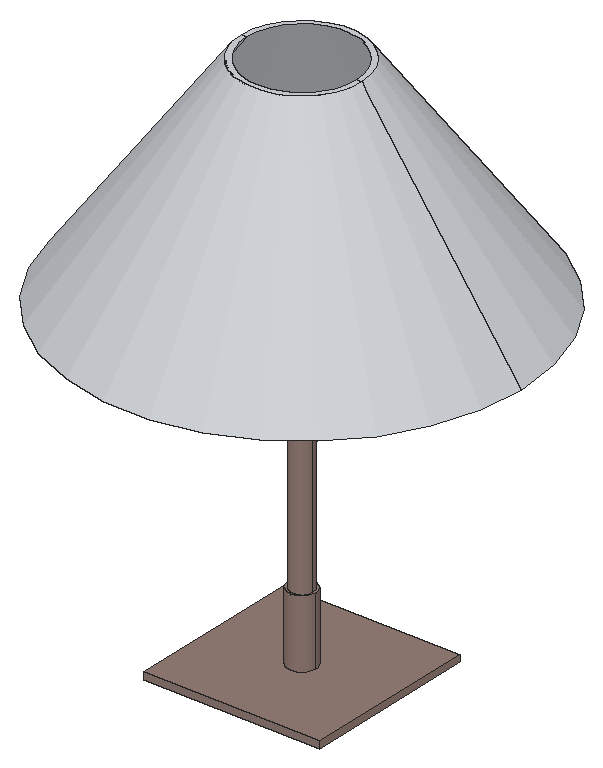
Revit family "nachttischlampe", category Leuchten, Revit 2023
Family settings
  Bemaßung runder Anschluss = Durchmesser verwenden
  Teiletyp = Normal
  Arbeitsebenenbasiert = Nein
  Immer vertikal = Ja
  Beim Laden mit Abzugskörper schneiden = Nein
  Lichtquelle = Ja
  Beschriftungsausrichtung beibehalten = Nein
  Gemeinsam genutzt = Nein
  Raumberechnungspunkt = Nein
Parameters
  Wattage = 100 W
  Wandstärke Schirm = 5 mm
  Default Elevation = 0 mm
  built-in parameter 1150110 = 1 (stored number, unit not read)
  Radius Schirm unten [instance] = 195.495 mm
  Radius Schirm oben = 50 mm
  built-in parameter 1114217 = 1 (stored number, unit not read)
  built-in parameter 1150109 = 1 (stored number, unit not read)
  built-in parameter 1150134 = 4
  built-in parameter 1150113 = 1 (stored number, unit not read)
  Lumens = 1200 lm
  built-in parameter 1150115 = 1 (stored number, unit not read)
  built-in parameter 1150105 = 95.493 (stored number, unit not read)
  Höhe Schirm = 200 mm
  H = 500 mm
  Größe des Lichtquellensymbols = Radius Schirm oben  # 50 mm
  built-in parameter 1150137 = (empty or 0)
  built-in parameter 1150139 = (empty or 0)
  built-in parameter 1150112 = 1 (stored number, unit not read)
  Lampenschirmmaterial = Schirm - Beige, Texturiert
  built-in parameter 1150114 = 1 (stored number, unit not read)
  Lampenbasismaterial = Metall - Bronze
  built-in parameter 1150132 = (empty or 0)
  Dicke Fuss = 6 mm
  Breite Fuß = 160 mm
  built-in parameter 1150102 = (empty or 0)
  built-in parameter 1150138 = (empty or 0)
  built-in parameter 1150107 = 2800 (stored number, unit not read)
  built-in parameter 1150106 = 0.95493 (stored number, unit not read)
  built-in parameter 1150104 = 1.1148 (stored number, unit not read)
  Dimming Lamp Color Temperature Shift = (empty or 0)
  Color Filter = 16777215
  built-in parameter 1114218 = 1 (stored number, unit not read)
  built-in parameter 1150133 = 10 (stored number, unit not read)
  Assembly Code = ""
Reference planes
  plane 1 "Lichtquellenachse (V/H)": y = 0
  plane 2: z = 0
  plane 3 "Lichtquellenachse (L/R)": x = 0
  plane 4 "Lichtquellenhöhe": z = 400
  plane 5 "Lampenschirm UK": z = 300
  plane 6: y = 80
  plane 7: y = -80
  plane 8: x = -80
  plane 9: x = 80
  plane 10 "Lampenschirm OK": z = 500
  plane 11 "Breite Schirm oben": x = 50
  plane 12 "OK Fuss": z = 6
  plane 13 "OK Halterung": z = 67.887
  plane 14 "OK Stab": z = 334.441
  plane 15 "Breite Schirm unten": x = 195.495
Forms (mm)
  Extrusion 1, solid, material "Metall - Bronze" <- "Lampenbasismaterial"
    sketch origin (0, 0, 300) x (0, -1, 0) y (1, 0, 0)
      loop
        line (-80, -80) -> (80, -80) -> (80, 80) -> (-80, 80) -> (-80, -80)
    from -300 to -294
  Revolve 2, solid
    sketch origin (0, 0, 0) x (1, 0, 0) y (0, 0, 1)
      loop
        line (195.495, 300) -> (200.495, 300) -> (55, 500) -> (50, 500) -> (195.495, 300)
      axis (0, 500) -> (0, 300)
    angle from 0 to 360
  Extrusion 3, solid, material "Metall - Bronze" <- "Lampenbasismaterial"
    sketch origin (0, 0, 6) x (-1, 0, 0) y (0, -1, 0)
      loop
        circle (0, 0) r 12.5
    from 0 to 61.887
  Extrusion 4, solid, material "Metall - Bronze" <- "Lampenbasismaterial"
    sketch origin (0, 0, 67.887) x (-1, 0, 0) y (0, -1, 0)
      loop
        circle (0, 0) r 10
    from 0 to 266.554
Dimensions and locks
  equal spacing: plane 8, plane 3 "Lichtquellenachse (L/R)", plane 9
  equal spacing: plane 6, plane 1 "Lichtquellenachse (V/H)", plane 7
  "Breite Fuß": plane 6 to plane 7
  "Breite Fuß": plane 8 to plane 9
  "Dicke Fuss": plane 12 "OK Fuss" to level
  "H": plane 10 "Lampenschirm OK" to level
  "Wandstärke Schirm": Revolve 2 sketch curve to Revolve 2 sketch curve  (x2)
  "Radius Schirm unten": plane 15 "Breite Schirm unten" to plane 3 "Lichtquellenachse (L/R)"
  plane 11 "Breite Schirm oben" to imposter light = 50 mm
  "Höhe Schirm": plane 10 "Lampenschirm OK" to plane 5 "Lampenschirm UK"
  equal spacing: plane 10 "Lampenschirm OK", plane 4 "Lichtquellenhöhe", plane 5 "Lampenschirm UK"
  locked: plane 14 "OK Stab" to plane 5 "Lampenschirm UK" at 34.441
  "Radius Schirm oben": plane 11 "Breite Schirm oben" to plane 3 "Lichtquellenachse (L/R)"
  radius of Extrusion 4 sketch curve = 10 mm
  aligned and locked: plane 3 "Lichtquellenachse (L/R)" to imposter light
  aligned and locked: plane 1 "Lichtquellenachse (V/H)" to imposter light
  aligned and locked: plane 4 "Lichtquellenhöhe" to imposter light
  aligned and locked: Extrusion 1 to plane 8
  aligned and locked: plane 9 to Extrusion 1
  aligned and locked: plane 6 to Extrusion 1
  aligned and locked: Extrusion 1 to plane 7
  aligned and locked: Revolve 2 sketch curve to plane 3 "Lichtquellenachse (L/R)"
  aligned and locked: plane 12 "OK Fuss" to Extrusion 1
  aligned and locked: plane 13 "OK Halterung" to Extrusion 3
  aligned and locked: plane 14 "OK Stab" to Extrusion 4
  aligned and locked: plane 5 "Lampenschirm UK" to Revolve 2 sketch curve  (x2)
  aligned and locked: plane 15 "Breite Schirm unten" to Revolve 2 sketch curve
  aligned and locked: plane 10 "Lampenschirm OK" to Revolve 2 sketch curve  (x2)
  aligned and locked: plane 11 "Breite Schirm oben" to Revolve 2 sketch curve
  aligned and locked: Extrusion 1 to level
Automatic sketch dimensions
  Extrusion 1 sketch curve to plane 1 "Lichtquellenachse (V/H)" = 80 mm
  plane 1 "Lichtquellenachse (V/H)" to Extrusion 1 sketch curve = 80 mm
  Extrusion 1 sketch curve to plane 3 "Lichtquellenachse (L/R)" = 80 mm
  plane 3 "Lichtquellenachse (L/R)" to Extrusion 1 sketch curve = 80 mm
  plane 1 "Lichtquellenachse (V/H)" to Extrusion 3 sketch curve = 0 mm
  Extrusion 3 sketch curve to plane 3 "Lichtquellenachse (L/R)" = 0 mm
  plane 1 "Lichtquellenachse (V/H)" to Extrusion 4 sketch curve = 0 mm
  Extrusion 4 sketch curve to plane 3 "Lichtquellenachse (L/R)" = 0 mm
  Revolve 2 sketch curve to level = 153.255 mm
  plane 10 "Lampenschirm OK" to Revolve 2 sketch curve = 220.65 mm
  radius of Extrusion 3 sketch curve = 12.5 mm
